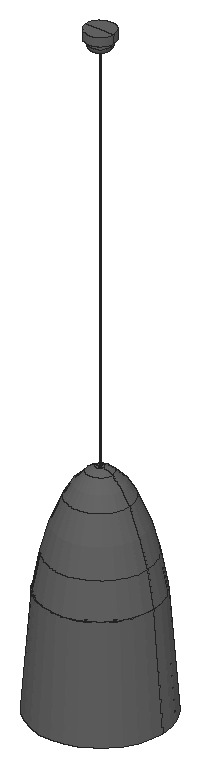
Revit family "OSPB LED 12,20,24", category Lighting Fixtures, Revit 2020
Family settings
  Round Connector Dimension = Use Diameter
  Part Type = Normal
  OmniClass Number = 23.80.70.00
  OmniClass Title = Lighting
  Work Plane-Based = No
  Always vertical = Yes
  Cut with Voids When Loaded = No
  Light Source = Yes
  Shared = No
  Room Calculation Point = No
Parameters (values of type "OSPB24")
  b = 1' - 2"
  a = 3' - 6"
  Weight = "28.5 lbs"
  Wattage Comments = "37 W"
  Wattage = 26.9284 W
  Warranty = "5 year limited warranty"  # constant formula
  built-in parameter 1150110 = 1 (stored number, unit not read)
  Voltage = 277 V  # constant formula
  URL = "https://www.anplighting.com/assets/Uploads/product-attachments/specification-sheets/ANP-Specification-Sheet-RLM-LED-OSPB24.pdf"
  built-in parameter 1114217 = 1 (stored number, unit not read)
  Tilt Angle = 90.00°
  built-in parameter 1150109 = 1 (stored number, unit not read)
  built-in parameter 1150134 = 12
  built-in parameter 1150113 = 1 (stored number, unit not read)
  Photometric Web File = "generic"
  OSPB24 = yes
  OSPB20 = no
  OSPB12 = no
  built-in parameter 1150142 = (empty or 0)
  Mounting Option [instance] = 1
  Power Factor = 1
  Post Mount [instance] = Mounting Option = 5  # no
  Placement X axis side [instance] = if(Post Mount, 2' 2 15/32", if(Cord or Stem Mount, 0' 0", if(E36 20 inch, 1' 8 1/4", if(E 6 26 inch, 2' 2", if(E7 41 inch, 3' 5 1/4", 0' 1")))))  # 0' - 0"
  Model = "OSPB24"
  Manufacturer = "ANP Lighting"  # constant formula
  built-in parameter 1150105 = 318.31 (stored number, unit not read)
  Lumens = 4000 lm
  built-in parameter 1150115 = 1 (stored number, unit not read)
  Load Classification = Lighting
  Light Source Height [instance] = 0' - 0"
  built-in parameter 1150137 = (empty or 0)
  built-in parameter 1150139 = (empty or 0)
  Light Elevation _2 [instance] = if(Post Mount, 0' 0.66142", if(E7 41 inch, 0' 0.66142", if(E36 20 inch, 0' 1.65748", if(E 6 26 inch, 0' 1.53543", if(Cord or Stem Mount, (0' 4.3622" + Cord Length), 0' 0")))))  # 6' - 4.3622"
  Light Elevation _1 [instance] = if(Post Mount, 0' 0", if(E7 41 inch, 0' 0", if(E36 20 inch, 0' 1", if(E 6 26 inch, 0' 0.87402", if(Cord or Stem Mount, (0' 3.66142" + Cord Length), 0' 0")))))  # 6' - 3.66142"
  Light Elevation [instance] = if(Post Mount, 14' 0.5315", if(E7 41 inch, 0' 0", 0' 0"))  # 0' - 0"
  Life = "L70 50,000 hours"  # constant formula
  built-in parameter 1150112 = 1 (stored number, unit not read)
  built-in parameter 1150114 = 1 (stored number, unit not read)
  Lamp = "LED"
  built-in parameter 1150132 = 2
  built-in parameter 1150102 = (empty or 0)
  built-in parameter 1150107 = 4000 (stored number, unit not read)
  built-in parameter 1150138 = (empty or 0)
  built-in parameter 1150106 = 3.1831 (stored number, unit not read)
  INSIDE BODY = body
  GLASS = Bulb
  Fixture Height = 3' - 6"
  Fixture Diameter = 2' - 0"
  Efficiency = "65-125 lumens per watt"  # constant formula
  built-in parameter 1150104 = 13.8 (stored number, unit not read)
  E7 41 inch [instance] = Mounting Option = 4  # no
  E36 20 inch [instance] = Mounting Option = 3  # no
  E 6 26 inch [instance] = Mounting Option = 2  # no
  Dimming Lamp Color Temperature Shift = <None>
  Dimming = "1%"  # constant formula
  Description = "120-277 Voltage"  # constant formula
  Default Elevation = 0' - 0"
  Cord or Stem Mount [instance] = Mounting Option = 1  # yes
  Cord Length option [instance] = 0
  Cord Length [instance] = if([2' Cord], 2' 0", if([4' Cord], 4' 0", if([8' Cord], 8' 0", if([10' Cord], 10' 0", if([6' Cord], 6' 0", 6' 0")))))  # 6' - 0"
  Construction Material = "Heavy Duty spun aluminum."  # constant formula
  Color Filter = 16777215
  Canopy Body = body
  CRI = ">90"  # constant formula
  Body Material = body
  Body Colour = "Spun aluminium"  # constant formula
  built-in parameter 1114218 = 1 (stored number, unit not read)
  built-in parameter 1150133 = 10 (stored number, unit not read)
  Apparent Load = 37 VA
  8' Cord [instance] = Cord Length option = 8  # no
  6' Cord [instance] = Cord Length option = 6  # no
  4' Cord [instance] = Cord Length option = 4  # no
  2' Cord [instance] = Cord Length option = 2  # no
  10' Cord [instance] = Cord Length option = 10  # no
Types (4): name | b | a | Weight | URL | OSPB24 | OSPB20 | OSPB12 | Mounting Option | Placement X axis side | Model | Light Elevation _2 | Light Elevation _1 | Fixture Height | Fixture Diameter | E 6 26 inch | Cord or Stem Mount
  (no name) | 1' - 2" | 3' - 6" | "28.5 lbs" | "https://www.anplighting.com/assets/Uploads/product-attachments/specification-sheets/ANP-Specification-Sheet-RLM-LED-OSPB24.pdf" | yes | no | no | 1 | 0' - 0" | "OSPB24" | 6' - 4.3622" | 6' - 3.66142" | 3' - 6" | 2' - 0" | no | yes
  OSPB12 | 0' - 3" | 2' - 0" | "13.5 lbs" | "https://www.anplighting.com/assets/Uploads/product-attachments/specification-sheets/ANP-Specification-Sheet-RLM-LED-OSPB12.pdf" | no | no | yes | 2 | 2' - 2" | "OSPB12" | 0' - 1.53543" | 0' - 0.87402" | 2' - 0" | 1' - 0" | yes | no
  OSPB20 | 0' - 5" | 3' - 0" | "22.0 lbs" | "https://www.anplighting.com/assets/Uploads/product-attachments/specification-sheets/ANP-Specification-Sheet-RLM-LED-OSPB20.pdf" | no | yes | no | 1 | 0' - 0" | "OSPB20" | 6' - 4.3622" | 6' - 3.66142" | 3' - 0" | 1' - 8" | no | yes
  OSPB24 | 1' - 2" | 3' - 6" | "28.5 lbs" | "https://www.anplighting.com/assets/Uploads/product-attachments/specification-sheets/ANP-Specification-Sheet-RLM-LED-OSPB24.pdf" | yes | no | no | 1 | 0' - 0" | "OSPB24" | 6' - 4.3622" | 6' - 3.66142" | 3' - 6" | 2' - 0" | no | yes
Reference planes (in)
  plane 1 "Light Source Axis (F/B)": y = 0
  plane 2: z = 0
  plane 3 "Light Source Axis (L/R)": x = 0
  plane 4 "Light Source Elevation": z = 0
  plane 5: z = 0
  plane 6: x = 0
  plane 7 "Bulb Position": z = -76.3622
  plane 8 "Canopy Position": z = -75.66142
  plane 9 "IES": z = -76.3622
  plane 10: z = 164.5315
  plane 11: z = -117.66142
  plane 12: z = -103.66142
  plane 13: z = -101.23029
Dimensions and locks (in)
  "Light Elevation": plane 5 to plane 2
  "Placement X axis side": plane 6 to plane 3 "Light Source Axis (L/R)"
  "Light Elevation _2": plane 5 to plane 7 "Bulb Position"
  "Light Elevation _1": plane 5 to plane 8 "Canopy Position"
  "Light Source Height": plane 7 "Bulb Position" to plane 9 "IES"
  plane 4 "Light Source Elevation" to plane 2 = 0' - 0"
  "a": plane 8 "Canopy Position" to plane 11
  "b": plane 12 to plane 11
  locked: plane 13 to plane 12 at 2.43113
  aligned and locked: level to plane 2
  aligned and locked: plane 1 "Light Source Axis (F/B)" to nested 5
  aligned and locked: nested 5 to plane 2
  aligned and locked: nested 1 to plane 3 "Light Source Axis (L/R)"
  aligned and locked: plane 3 "Light Source Axis (L/R)" to nested 2
  aligned and locked: plane 3 "Light Source Axis (L/R)" to nested 4
  aligned and locked: nested 3 to plane 5
  aligned and locked: plane 3 "Light Source Axis (L/R)" to nested 3
  aligned and locked: plane 3 "Light Source Axis (L/R)" to nested 5
  aligned and locked: plane 1 "Light Source Axis (F/B)" to nested 2
  aligned and locked: plane 1 "Light Source Axis (F/B)" to nested 1
  aligned and locked: plane 1 "Light Source Axis (F/B)" to nested 4
  aligned and locked: plane 1 "Light Source Axis (F/B)" to nested 3
  aligned and locked: plane 2 to nested 1
  aligned and locked: plane 2 to nested 2
  aligned and locked: nested 4 to plane 2
  aligned and locked: imposter light to plane 6
  aligned and locked: plane 12 to imposter light
  aligned and locked: plane 1 "Light Source Axis (F/B)" to nested 6
  aligned and locked: plane 1 "Light Source Axis (F/B)" to nested 7
  aligned and locked: plane 1 "Light Source Axis (F/B)" to nested 8
  aligned and locked: nested 6 to plane 8 "Canopy Position"
  aligned and locked: plane 6 to nested 6
  aligned and locked: nested 7 to plane 8 "Canopy Position"
  aligned and locked: nested 8 to plane 8 "Canopy Position"
  aligned and locked: plane 6 to nested 7
  aligned and locked: plane 6 to nested 8
Nested families (in)
  nested 1: "CORD OR STEM MOUNT" at (0, 0, -75.67), visible <- "Cord or Stem Mount", Cord or Stem Mount <- "Cord or Stem Mount", Body Material <- "Body Material", Light Elevation <- "Light Elevation", Cord Length <- "Cord Length", 10' Cord <- "10' Cord", 2' Cord <- "2' Cord", 4' Cord <- "4' Cord", 6' Cord <- "6' Cord", 8' Cord <- "8' Cord", type "CORD OR STEM MOUNT"
    with Light Elevation 0' - 0", Cord or Stem Mount yes, Cord Length 6' - 0", Body Material body, 8' Cord no, 6' Cord no, 4' Cord no, 2' Cord no, 10' Cord no
  nested 2: "E6 26 INCH" at (0, 0, 0), visible <- "E 6 26 inch", Chain Length <- "Cord Length", E 6 26 inch <- "E 6 26 inch", Placement X axis side <- "Placement X axis side", Body Material <- "Body Material", Light Elevation <- "Light Elevation", type "E6 26 INCH"
    with Placement X axis side 0' - 0", Light Elevation 0' - 0", E 6 26 inch no, Chain Length 6' - 0", Body Material body
  nested 3: "E7 41 INCH" at (0, 0, 0), Chain Length <- "Cord Length", visible <- "E7 41 inch", E7 41 inch <- "E7 41 inch", Placement X axis side <- "Placement X axis side", Body Material <- "Body Material", Light Elevation <- "Light Elevation", type "E7 41 INCH"
    with Placement X axis side 0' - 0", Light Elevation 0' - 0", E7 41 inch no, Chain Length 6' - 0", Body Material body
  nested 4: "E36 20 INCH" at (0, 0, 0), visible <- "E36 20 inch", E36 20 inch <- "E36 20 inch", Placement X axis side <- "Placement X axis side", Chain Length <- "Cord Length", Body Material <- "Body Material", Light Elevation <- "Light Elevation", type "E36 20 INCH"
    with Placement X axis side 0' - 0", Light Elevation 0' - 0", E36 20 inch no, Chain Length 6' - 0", Body Material body
  nested 5: "POST MOUNT" at (0, 0, 0), visible <- "Post Mount", Post Mount <- "Post Mount", Placement X axis side <- "Placement X axis side", Chain Length <- "Cord Length", Body Material <- "Body Material", Light Elevation <- "Light Elevation", type "POST MOUNT"
    with Post Mount no, Placement X axis side 0' - 0", Light Elevation 0' - 0", Chain Length 6' - 0", Body Material body
  nested 6: "OSPB 12 A" at (0, 0, -75.66142), OSPB12 <- "OSPB12", visible <- "OSPB12", Body <- "Canopy Body", Bulb <- "GLASS", INSIDE BODY <- "INSIDE BODY", Light Elevation <- "Light Elevation", type "OSPB 12 A"
    with OSPB12 no, Light Elevation 0' - 0", INSIDE BODY body, Bulb Bulb, Body body
  nested 7: "OSPB 20 A" at (0, 0, -75.66142), Light Elevation <- "Light Elevation", INSIDE BODY <- "INSIDE BODY", Bulb <- "GLASS", Body <- "Canopy Body", visible <- "OSPB20", OSPB20 <- "OSPB20", type "OSPB 20 A"
    with OSPB20 no, Light Elevation 0' - 0", INSIDE BODY body, Bulb Bulb, Body body
  nested 8: "OSPB 24 A" at (0, 0, -75.66142), OSPB24 <- "OSPB24", visible <- "OSPB24", Body <- "Canopy Body", Bulb <- "GLASS", INSIDE BODY <- "INSIDE BODY", Light Elevation <- "Light Elevation", type "OSPB 24 A"
    with OSPB24 yes, Light Elevation 0' - 0", INSIDE BODY body, Bulb Bulb, Body body
Definition of nested family "CORD OR STEM MOUNT"
  Parameters (values of type "CORD OR STEM MOUNT")
    URL = ""
    Model = ""
    Manufacturer = ""
    Light Elevation [instance] = 1' - 7.69"
    Default Elevation = 0' - 0"
    Cord or Stem Mount [instance] = yes
    Cord Length [instance] = 6' - 0"
    Body Material [instance] = none
    8' Cord [instance] = no
    6' Cord [instance] = no
    4' Cord [instance] = no
    2' Cord [instance] = no
    10' Cord [instance] = no
  Reference planes (in)
    plane 1 "Light Source Axis (F/B)": y = 0
    plane 2: z = 0
    plane 3 "Light Source Axis (L/R)": x = 0
    plane 4 "Light Source Elevation": z = 23.125
    plane 5: z = 91.69
    plane 6: z = 19.69
  Forms (in)
    Extrusion 1, void, not visible
      sketch origin (0, 0, 2.38154) x (1, 0, 0) y (0, 0, 1)
        loop
          circle (0, 4.59925) r 0.16583
      from 1.18594 to 1.75
    Extrusion 2, void, not visible
      sketch origin (0, 0, 2.38154) x (0.707107, -0.707107, 0) y (0, 0, 1)
        loop
          circle (0, 4.59925) r 0.16583
      from 1.18594 to 1.75
    Extrusion 3, void, not visible
      sketch origin (0, 0, 2.38154) x (0.707107, 0.707107, 0) y (0, 0, 1)
        loop
          circle (0, 4.59925) r 0.16583
      from 1.18594 to 1.75
    Extrusion 4, void, not visible
      sketch origin (0, 0, 2.38154) x (0, 1, 0) y (0, 0, 1)
        loop
          circle (0, 4.59925) r 0.16583
      from 1.18594 to 1.75
    Extrusion 5, void, not visible
      sketch origin (0, 0, 2.38154) x (-0.707107, 0.707107, 0) y (0, 0, 1)
        loop
          circle (0, 4.59925) r 0.16583
      from 1.18594 to 1.75
    Extrusion 6, void, not visible
      sketch origin (0, 0, 2.38154) x (-1, 0, 0) y (0, 0, 1)
        loop
          circle (0, 4.59925) r 0.20678
      from 1.18594 to 1.75
    Extrusion 7, void, not visible
      sketch origin (0, 0, 2.38154) x (-0.707107, -0.707107, 0) y (0, 0, 1)
        loop
          circle (0, 4.59925) r 0.16583
      from 1.18594 to 1.75
    Extrusion 8, void, not visible
      sketch origin (0, 0, 2.38154) x (0, -1, 0) y (0, 0, 1)
        loop
          circle (0, 4.59925) r 0.16583
      from 1.18594 to 1.75
    Revolve 9, solid, material <- "Body Material", visible <- "Cord or Stem Mount"
      sketch origin (0, 0, 174.56698) x (1, 0, 0) y (0, 0, 1)
        loop
          line (2.6875, -79.20698) -> (0, -79.20698) -> (0, -82.87698) -> (0.125, -82.87698) -> (0.125, -82.83698) -> (0.75, -82.83698)
          arc (0.75, -82.83698) -> (0.81694, -82.77004) -> (0.75, -82.7031) r 0.06694
          line (0.75, -82.7031) -> (0.89763, -82.7031) -> (1.00223, -82.5985) -> (1.06587, -82.5985)
          arc (1.06587, -82.5985) -> (1.80099, -82.29401) -> (2.10549, -81.55888) r 1.03962
          line (2.10549, -81.55888) -> (2.10549, -81.03899)
          arc (2.10549, -81.03899) -> (2.12951, -80.981) -> (2.1875, -80.95698) r 0.08201
          line (2.1875, -80.95698) -> (2.1875, -80.70698) -> (2.6875, -80.70698) -> (2.6875, -79.20698)
        axis (0, -79.20698) -> (0, -82.87698)
      angle from 0 to 360
    Revolve 10, solid, material <- "Body Material", visible <- "Cord or Stem Mount"
      sketch origin (0, 0, 0) x (1, 0, 0) y (0, 0, 1)
        loop
          line (0, 91.69) -> (-0.125, 91.69) -> (-0.125, 19.69) -> (0, 19.69) -> (0, 91.69)
        axis (0, 19.69) -> (0, 91.69)
      angle from 0 to 360
  Dimensions and locks (in)
    "Light Elevation": plane 6 to plane 2
    "Cord Length": plane 5 to plane 6
    locked: Revolve 10 sketch curve to Revolve 10 sketch curve at 0.125
    aligned and locked: level to plane 2
    aligned and locked: Revolve 10 sketch curve to plane 3 "Light Source Axis (L/R)"
    aligned and locked: Revolve 10 sketch curve to plane 6
    aligned and locked: Revolve 10 sketch curve to plane 5
    aligned and locked: plane 3 "Light Source Axis (L/R)" to Revolve 10 sketch curve
  Automatic sketch dimensions
    Revolve 9 sketch curve to plane 3 "Light Source Axis (L/R)" = 0' - 0"  (x2)
    Revolve 9 sketch curve to plane 5 = 0' - 0"
    plane 3 "Light Source Axis (L/R)" to Revolve 9 sketch curve = 0' - 0 1/8"
    Revolve 9 sketch curve to plane 5 = 0' - 0.17388"
    Revolve 9 sketch curve to Revolve 9 sketch curve = 0' - 0 5/8"
    Revolve 9 sketch curve to Revolve 9 sketch curve = 0' - 0.14763"
    Revolve 9 sketch curve to plane 5 = 0' - 0.27847"
    Revolve 9 sketch curve to Revolve 9 sketch curve = 0' - 0.1046"
    Revolve 9 sketch curve to Revolve 9 sketch curve = 0' - 0.06364"
    Revolve 9 sketch curve to Revolve 9 sketch curve = 0' - 1.03962"
    Revolve 9 sketch curve to Revolve 9 sketch curve = 0' - 0 21/256"
    Revolve 9 sketch curve to Revolve 9 sketch curve = 0' - 0 1/2"  (x2)
    Revolve 9 sketch curve to Revolve 9 sketch curve = 0' - 0.51989"
    Revolve 9 sketch curve to Revolve 9 sketch curve = 0' - 0 1/4"
    Revolve 9 sketch curve to Revolve 9 sketch curve = 0' - 2.3519"
    Revolve 9 sketch curve to Revolve 9 sketch curve = 0' - 1 1/4"
    Revolve 9 sketch curve to Revolve 9 sketch curve = 0' - 0.04"
    Revolve 10 sketch curve to Revolve 10 sketch curve = 0' - 0 1/2"
    Revolve 10 sketch curve to Revolve 10 sketch curve = 0' - 0.42345"
Definition of nested family "OSPB 24 A"
  Parameters (values of type "OSPB 24 A")
    OSPB24 [instance] = yes
    Light Elevation [instance] = 0' - 0"
    INSIDE BODY [instance] = none
    Default Elevation = 0' - 0"
    Bulb [instance] = none
    Body [instance] = none
  Reference planes (in)
    plane 1 "Center (Front/Back)": y = 0
    plane 2: z = 0
    plane 3 "Center (Left/Right)": x = 0
    plane 4: z = 0
  Dimensions and locks (in)
    "Light Elevation": plane 4 to plane 2
    aligned and locked: plane 2 to level
    aligned and locked: plane 3 "Center (Left/Right)" to nested 1
    aligned and locked: plane 1 "Center (Front/Back)" to nested 1
    aligned and locked: nested 1 to plane 4
  Nested families (in)
    nested 1: "OSPB24" at (0, 0, -42), visible <- "OSPB24", Body <- "Body", OSPB24 <- "OSPB24", Bulb <- "Bulb", INSIDE BODY <- "INSIDE BODY", type "OSPB24"
      with OSPB24 yes, Light Elevation 1' - 0.00183", INSIDE BODY none, Bulb none, Body none
  Definition of nested family "OSPB24"
    Parameters (values of type "OSPB24")
      OSPB24 [instance] = yes
      Light Elevation [instance] = 1' - 0.00183"
      INSIDE BODY [instance] = none
      Default Elevation = 0' - 0"
      Bulb [instance] = none
      Body [instance] = none
    Reference planes (in)
      plane 1 "Center (Front/Back)": y = 0
      plane 2: z = 0
      plane 3 "Center (Left/Right)": x = 0
    Forms (in)
      Revolve 1, solid, material <- "Body", visible <- "OSPB24"
        sketch origin (0, 0, 0) x (1, 0, 0) y (0, 0, 1)
          loop
            line (-0.76905, 41.91801) -> (-0.2815, 41.91801) -> (-0.2815, 42) -> (-0.77345, 42)
            arc (-0.77345, 42) -> (-1.58604, 41.69692) -> (-2.34169, 41.27129) r 5.56638
            arc (-2.34169, 41.27129) -> (-4.23605, 39.30465) -> (-5.68944, 36.99294) r 13.31645
            arc (-5.68944, 36.99294) -> (-7.69324, 32.26311) -> (-9.11589, 27.32726) r 42.79462
            arc (-9.11589, 27.32726) -> (-9.80742, 24.18127) -> (-10.3923, 21.01372) r 95.36449
            line (-10.3923, 21.01372) -> (-10.31119, 21.01372)
            arc (-10.31119, 21.01372) -> (-9.72763, 24.17222) -> (-9.03794, 27.30926) r 95.28449
            arc (-9.03794, 27.30926) -> (-7.61791, 32.23618) -> (-5.61774, 36.95745) r 42.71462
            arc (-5.61774, 36.95745) -> (-4.17444, 39.25357) -> (-2.29345, 41.20732) r 13.23645
            arc (-2.29345, 41.20732) -> (-1.55865, 41.62143) -> (-0.76905, 41.91801) r 5.48638
          axis (0, 42) -> (0, 21.01372)
        angle from 0 to 360
      Revolve 2, solid, material <- "Body", visible <- "OSPB24"
        sketch origin (0, 0, 0) x (1, 0, 0) y (0, 0, 1)
          loop
            arc (-10.40265, 20.93716) -> (-11.61415, 10.50007) -> (-12.00017, 0) r 133.35415
            line (-12.00017, 0) -> (-11.92017, 0)
            arc (-11.92017, 0) -> (-11.53463, 10.49066) -> (-10.32461, 20.91843) r 133.27415
            arc (-10.32461, 20.91843) -> (-10.25988, 20.92785) -> (-10.22381, 20.98241) r 0.08
            line (-10.22381, 20.98241) -> (-10.18163, 21.23681) -> (-10.26054, 21.25) -> (-10.30275, 20.99539)
            arc (-10.30275, 20.99539) -> (-10.36641, 20.9898) -> (-10.40265, 20.93716) r 0.075
          axis (0, 21.25) -> (0, 0)
        angle from 0 to 360
      Revolve 3, solid, material <- "INSIDE BODY", visible <- "OSPB24"
        sketch origin (0, 0, 0) x (1, 0, 0) y (0, 0, 1)
          loop
            line (0.2815, 41.89457) -> (0.2815, 41.84457) -> (0.72104, 41.84457)
            arc (0.72104, 41.84457) -> (1.4967, 41.54385) -> (2.21688, 41.12742) r 5.39347
            arc (2.21688, 41.12742) -> (4.06485, 39.20022) -> (5.47908, 36.93547) r 12.97103
            arc (5.47908, 36.93547) -> (7.46328, 32.2146) -> (8.89546, 27.29805) r 44.77577
            arc (8.89546, 27.29805) -> (9.58249, 24.11315) -> (10.18148, 20.91053) r 118.21332
            arc (10.18148, 20.91053) -> (11.34685, 10.48332) -> (11.77642, 0) r 149.17803
            line (11.77642, 0) -> (11.82642, 0)
            arc (11.82642, 0) -> (11.3967, 10.48729) -> (10.23086, 20.91843) r 149.22803
            arc (10.23086, 20.91843) -> (9.63156, 24.12271) -> (8.94419, 27.30926) r 118.26332
            arc (8.94419, 27.30926) -> (7.5104, 32.23131) -> (5.52399, 36.95745) r 44.82577
            arc (5.52399, 36.95745) -> (4.10353, 39.23193) -> (2.24727, 41.1672) r 13.02103
            arc (2.24727, 41.1672) -> (1.51613, 41.58998) -> (0.72839, 41.89457) r 5.44347
            line (0.72839, 41.89457) -> (0.2815, 41.89457)
          axis (0, 0) -> (0, 41.89457)
        angle from 0 to 360
      Revolve 4, solid, material <- "Bulb", visible <- "OSPB24"
        sketch origin (0, 0, 0) x (1, 0, 0) y (0, 0, 1)
          loop
            line (2, 20) -> (3, 20) -> (3, 20.05) -> (1.94936, 20.05)
            arc (1.94936, 20.05) -> (1.39642, 18.63893) -> (0, 18.05) r 1.95
            line (0, 18.05) -> (0, 18)
            arc (0, 18) -> (1.41421, 18.58579) -> (2, 20) r 2
          axis (0, 20.05) -> (0, 18)
        angle from 0 to 360
    Dimensions and locks (in)
      locked: Revolve 4 to plane 2 at 20.05
      aligned and locked: plane 2 to level
Definition of nested family "E6 26 INCH"
  Parameters (values of type "E6 26 INCH")
    URL = ""
    Placement X axis side [instance] = 2' - 2"
    Model = ""
    Manufacturer = ""
    Light Elevation [instance] = 8' - 4"
    E 6 26 inch [instance] = yes
    Default Elevation = 0' - 0"
    Chain Length [instance] = 0' - 0"
    Body Material [instance] = none
  Reference planes (in)
    plane 1 "Light Source Axis (F/B)": y = 0
    plane 2: z = 0
    plane 3 "Light Source Axis (L/R)": x = 0
    plane 4 "Light Source Elevation": z = 23.125
    plane 5: z = 100
    plane 6: x = -26
    plane 7: z = 99.125
    plane 8: x = -24.12
    plane 9: x = -25.5474
  Forms (in)
    Extrusion 1, void, not visible
      sketch origin (0, 0, 2.38154) x (1, 0, 0) y (0, 0, 1)
        loop
          circle (0, 4.59925) r 0.16583
      from 1.18594 to 1.75
    Extrusion 2, void, not visible
      sketch origin (0, 0, 2.38154) x (0.707107, -0.707107, 0) y (0, 0, 1)
        loop
          circle (0, 4.59925) r 0.16583
      from 1.18594 to 1.75
    Extrusion 3, void, not visible
      sketch origin (0, 0, 2.38154) x (0.707107, 0.707107, 0) y (0, 0, 1)
        loop
          circle (0, 4.59925) r 0.16583
      from 1.18594 to 1.75
    Extrusion 4, void, not visible
      sketch origin (0, 0, 2.38154) x (0, 1, 0) y (0, 0, 1)
        loop
          circle (0, 4.59925) r 0.16583
      from 1.18594 to 1.75
    Extrusion 5, void, not visible
      sketch origin (0, 0, 2.38154) x (-0.707107, 0.707107, 0) y (0, 0, 1)
        loop
          circle (0, 4.59925) r 0.16583
      from 1.18594 to 1.75
    Extrusion 6, void, not visible
      sketch origin (0, 0, 2.38154) x (-1, 0, 0) y (0, 0, 1)
        loop
          circle (0, 4.59925) r 0.20678
      from 1.18594 to 1.75
    Extrusion 7, void, not visible
      sketch origin (0, 0, 2.38154) x (-0.707107, -0.707107, 0) y (0, 0, 1)
        loop
          circle (0, 4.59925) r 0.16583
      from 1.18594 to 1.75
    Extrusion 8, void, not visible
      sketch origin (0, 0, 2.38154) x (0, -1, 0) y (0, 0, 1)
        loop
          circle (0, 4.59925) r 0.16583
      from 1.18594 to 1.75
    Sweep 9, solid, material <- "Body Material", visible <- "E 6 26 inch"
      path origin (-41.25, 0, 168.51693) x (1, 0, 0) y (0, 0, 1)
        loop
          line (17.13, -68.51693) -> (27.68551, -68.51693)
          arc (27.68551, -68.51693) -> (28.47996, -68.34486) -> (29.13202, -67.8595) r 1.92004
          line (29.13202, -67.8595) -> (34.23651, -62.01155)
          arc (34.23651, -62.01155) -> (38.65464, -60.89667) -> (41.25, -64.64193) r 4
          line (41.25, -64.64193) -> (41.25, -69.39193)
      profile origin (-18.84224, 0, 100) x (0, 0, 1) y (0, -1, 0)
        loop
          circle (0, 0) r 0.5
    Revolve 10, solid, material <- "Body Material", visible <- "E 6 26 inch"
      sketch origin (-26, 0, 168.51693) x (1, 0, 0) y (0, 0, 1)
        loop
          line (0, -66.07943) -> (0, -68.51693) -> (1.88, -68.51693) -> (1.88, -67.69272) -> (0.4526, -67.69272) -> (0.4526, -66.54122) -> (0.33125, -66.54122) -> (0.33125, -66.07943) -> (0, -66.07943)
        axis (0, -68.51693) -> (1.88, -68.51693)
      angle from 0 to 360
    Extrusion 11, solid, material <- "Body Material", visible <- "E 6 26 inch"
      sketch origin (-26, 0, 168.51693) x (0, -1, 0) y (0, 0, -1)
        loop
          line (0.25, 68.51693) -> (0.25, 69.51693) -> (-0.25, 69.51693) -> (-0.25, 68.51693) -> (0.25, 68.51693)
      from 0.4526 to 1.88
  Cuts and joins
    joined: Revolve 10, Extrusion 11
  Dimensions and locks (in)
    "Light Elevation": plane 5 to plane 2
    "Placement X axis side": plane 3 "Light Source Axis (L/R)" to plane 6
    locked: plane 5 to plane 7 at 0.875
    Revolve 10 sketch curve to Revolve 10 sketch curve to Revolve 10 sketch curve to plane 6 = 0' - 1.4274" locked, 0' - 0.12135" locked, 0' - 0.33125" locked
    Revolve 10 sketch curve to Revolve 10 sketch curve to Revolve 10 sketch curve to plane 5 = 0' - 0.46179" locked, 0' - 1.1515" locked, 0' - 0 211/256" locked
    locked: Sweep 9 sketch curve to plane 6 at 1.88
    locked: Sweep 9 sketch curve to Sweep 9 sketch curve at 10.55551
    locked: Sweep 9 sketch curve to Sweep 9 sketch curve at 13.56449
    locked: Sweep 9 sketch curve to Sweep 9 sketch curve at 4.75
    locked: plane 9 to plane 6 at 0.4526
    locked: plane 8 to plane 9 at 1.4274
    aligned and locked: level to plane 2
    aligned and locked: Revolve 10 sketch curve to plane 6
    aligned and locked: plane 5 to Revolve 10 sketch curve
    aligned and locked: Revolve 10 sketch curve to plane 5
    aligned and locked: cut or joined group of Revolve 10, Extrusion 11 to plane 9
    aligned and locked: plane 8 to cut or joined group of Revolve 10, Extrusion 11
  Automatic sketch dimensions
    Sweep 9 sketch curve to plane 5 = 0' - 0"
    Sweep 9 sketch curve to Sweep 9 sketch curve = 0' - 4"
    Sweep 9 sketch curve to Sweep 9 sketch curve = 0' - 3.01349"
    plane 5 to Sweep 9 sketch curve = 0' - 0.65743"
    Sweep 9 sketch curve to Sweep 9 sketch curve = 0' - 1.4465"
    Sweep 9 sketch curve to plane 5 = 0' - 0 7/8"
    profile plane to Sweep 9 sketch curve = 0' - 0"
    Sweep 9 sketch curve to profile plane = 0' - 0"
    plane 6 to Revolve 10 sketch curve = 0' - 0.62562"
    Revolve 10 sketch curve to Revolve 10 sketch curve = 0' - 0 1/2"
    Extrusion 11 sketch curve to plane 5 = 0' - 0"
    plane 1 "Light Source Axis (F/B)" to Extrusion 11 sketch curve = 0' - 0 1/4"
    Extrusion 11 sketch curve to plane 1 "Light Source Axis (F/B)" = 0' - 0 1/4"
    plane 5 to Extrusion 11 sketch curve = 0' - 1"
    radius of Sweep 9 sketch curve = 0' - 0 1/2"
Definition of nested family "E7 41 INCH"
  Parameters (values of type "E7 41 INCH")
    URL = ""
    Placement X axis side [instance] = 4' - 2"
    Model = ""
    Manufacturer = ""
    Light Elevation [instance] = 8' - 4"
    E7 41 inch [instance] = yes
    Default Elevation = 0' - 0"
    Chain Length [instance] = 0' - 0"
    Body Material [instance] = none
  Reference planes (in)
    plane 1 "Light Source Axis (F/B)": y = 0
    plane 2: z = 0
    plane 3 "Light Source Axis (L/R)": x = 0
    plane 4 "Light Source Elevation": z = 23.125
    plane 5: z = 100
    plane 6: x = -50
  Forms (in)
    Extrusion 1, void, not visible
      sketch origin (0, 0, 2.38154) x (1, 0, 0) y (0, 0, 1)
        loop
          circle (0, 4.59925) r 0.16583
      from 1.18594 to 1.75
    Extrusion 2, void, not visible
      sketch origin (0, 0, 2.38154) x (0.707107, -0.707107, 0) y (0, 0, 1)
        loop
          circle (0, 4.59925) r 0.16583
      from 1.18594 to 1.75
    Extrusion 3, void, not visible
      sketch origin (0, 0, 2.38154) x (0.707107, 0.707107, 0) y (0, 0, 1)
        loop
          circle (0, 4.59925) r 0.16583
      from 1.18594 to 1.75
    Extrusion 4, void, not visible
      sketch origin (0, 0, 2.38154) x (0, 1, 0) y (0, 0, 1)
        loop
          circle (0, 4.59925) r 0.16583
      from 1.18594 to 1.75
    Extrusion 5, void, not visible
      sketch origin (0, 0, 2.38154) x (-0.707107, 0.707107, 0) y (0, 0, 1)
        loop
          circle (0, 4.59925) r 0.16583
      from 1.18594 to 1.75
    Extrusion 6, void, not visible
      sketch origin (0, 0, 2.38154) x (-1, 0, 0) y (0, 0, 1)
        loop
          circle (0, 4.59925) r 0.20678
      from 1.18594 to 1.75
    Extrusion 7, void, not visible
      sketch origin (0, 0, 2.38154) x (-0.707107, -0.707107, 0) y (0, 0, 1)
        loop
          circle (0, 4.59925) r 0.16583
      from 1.18594 to 1.75
    Extrusion 8, void, not visible
      sketch origin (0, 0, 2.38154) x (0, -1, 0) y (0, 0, 1)
        loop
          circle (0, 4.59925) r 0.16583
      from 1.18594 to 1.75
    Revolve 9, solid, material <- "Body Material", visible <- "E7 41 inch"
      sketch origin (-41.25, 0, 168.39193) x (1, 0, 0) y (0, 0, 1)
        loop
          line (-8.75, -66.20443) -> (-8.75, -68.51693) -> (-6.87, -68.51693) -> (-6.87, -67.69272) -> (-8.2974, -67.69272) -> (-8.2974, -66.54122) -> (-8.41875, -66.54122) -> (-8.41875, -66.20443) -> (-8.75, -66.20443)
        axis (-8.75, -68.51693) -> (-6.87, -68.51693)
      angle from 0 to 360
    Extrusion 10, solid, material <- "Body Material", visible <- "E7 41 inch"
      sketch origin (-41.25, 0, 168.39193) x (0, -1, 0) y (0, 0, -1)
        loop
          line (0.25, 68.51693) -> (0.25, 69.51693) -> (-0.25, 69.51693) -> (-0.25, 68.51693) -> (0.25, 68.51693)
      from -8.2974 to -6.87
    Sweep 11, solid, material <- "Body Material", visible <- "E7 41 inch"
      path origin (-41.25, 0, 168.39193) x (1, 0, 0) y (0, 0, 1)
        loop
          line (-6.87, -68.51693) -> (16.04011, -68.51693)
          arc (16.04011, -68.51693) -> (17.864, -68.13651) -> (19.38375, -67.0587) r 4.5625
          line (19.38375, -67.0587) -> (24.70217, -61.33018)
          arc (24.70217, -61.33018) -> (29.64465, -60.20324) -> (32.5, -64.39193) r 4.5
          line (32.5, -64.39193) -> (32.5, -68.39193)
      profile origin (-36.66494, 0, 99.875) x (0, 0, 1) y (0, -1, 0)
        loop
          circle (0, 0) r 0.5
  Dimensions and locks (in)
    "Placement X axis side": plane 3 "Light Source Axis (L/R)" to plane 6
    "Light Elevation": plane 5 to plane 2
    locked: Revolve 9 sketch curve to Revolve 9 sketch curve at 0.33125
    locked: Revolve 9 sketch curve to Revolve 9 sketch curve at 0.4526
    locked: Revolve 9 sketch curve to Revolve 9 sketch curve at 1.88
    locked: Revolve 9 sketch curve to Revolve 9 sketch curve at 0.82421
    locked: Revolve 9 sketch curve to Revolve 9 sketch curve at 1.1515
    locked: Revolve 9 sketch curve to Revolve 9 sketch curve at 0.33679
    locked: plane 5 to Revolve 9 sketch curve at 0.125
    locked: Extrusion 10 sketch curve to Extrusion 10 sketch curve at 0.5
    locked: Extrusion 10 sketch curve to Extrusion 10 sketch curve at 1
    locked: plane 5 to Extrusion 10 sketch curve at 0.125
    locked: plane 5 to Sweep 11 sketch curve at 0.125
    locked: Sweep 11 sketch curve to Sweep 11 sketch curve at 39.37
    locked: Sweep 11 sketch curve to Sweep 11 sketch curve at 4
    locked: plane 6 to Extrusion 10 at 0.4526
    locked: Sweep 11 sketch curve to plane 6 at 1.88
    locked: Extrusion 10 to Extrusion 10 at 1.4274
    aligned and locked: plane 2 to level
    aligned and locked: Revolve 9 sketch curve to plane 6
  Automatic sketch dimensions
    Revolve 9 sketch curve to plane 5 = 0' - 0 1/8"
    plane 6 to Revolve 9 sketch curve = 0' - 0.62562"
    Revolve 9 sketch curve to Revolve 9 sketch curve = 0' - 0 1/2"
    plane 1 "Light Source Axis (F/B)" to Extrusion 10 sketch curve = 0' - 0 1/4"
    Sweep 11 sketch curve to plane 5 = 0' - 0"
    Sweep 11 sketch curve to Sweep 11 sketch curve = 0' - 4 1/2"
    Sweep 11 sketch curve to Sweep 11 sketch curve = 0' - 3.29783"
    plane 5 to Sweep 11 sketch curve = 0' - 1.33323"
    Sweep 11 sketch curve to Sweep 11 sketch curve = 0' - 5.31842"
    Sweep 11 sketch curve to Sweep 11 sketch curve = 0' - 3.34364"
    profile plane to Sweep 11 sketch curve = 0' - 0"
    Sweep 11 sketch curve to profile plane = 0' - 0"
    radius of Sweep 11 sketch curve = 0' - 0 1/2"
Definition of nested family "E36 20 INCH"
  Parameters (values of type "E36 20 INCH")
    URL = ""
    Placement X axis side [instance] = 1' - 8 1/4"
    Model = ""
    Manufacturer = ""
    Light Elevation [instance] = 8' - 4"
    E36 20 inch [instance] = yes
    Default Elevation = 0' - 0"
    Chain Length [instance] = 0' - 0"
    Body Material [instance] = none
  Reference planes (in)
    plane 1 "Light Source Axis (F/B)": y = 0
    plane 2: z = 0
    plane 3 "Light Source Axis (L/R)": x = 0
    plane 4 "Light Source Elevation": z = 23.125
    plane 5: z = 99
    plane 6: x = -20.25
    plane 7: z = 100
    plane 8: x = -18.37008
    plane 9: x = -19.79724
  Forms (in)
    Extrusion 1, void, not visible
      sketch origin (0, 0, 2.38154) x (1, 0, 0) y (0, 0, 1)
        loop
          circle (0, 4.59925) r 0.16583
      from 1.18594 to 1.75
    Extrusion 2, void, not visible
      sketch origin (0, 0, 2.38154) x (0.707107, -0.707107, 0) y (0, 0, 1)
        loop
          circle (0, 4.59925) r 0.16583
      from 1.18594 to 1.75
    Extrusion 3, void, not visible
      sketch origin (0, 0, 2.38154) x (0.707107, 0.707107, 0) y (0, 0, 1)
        loop
          circle (0, 4.59925) r 0.16583
      from 1.18594 to 1.75
    Extrusion 4, void, not visible
      sketch origin (0, 0, 2.38154) x (0, 1, 0) y (0, 0, 1)
        loop
          circle (0, 4.59925) r 0.16583
      from 1.18594 to 1.75
    Extrusion 5, void, not visible
      sketch origin (0, 0, 2.38154) x (-0.707107, 0.707107, 0) y (0, 0, 1)
        loop
          circle (0, 4.59925) r 0.16583
      from 1.18594 to 1.75
    Extrusion 6, void, not visible
      sketch origin (0, 0, 2.38154) x (-1, 0, 0) y (0, 0, 1)
        loop
          circle (0, 4.59925) r 0.20678
      from 1.18594 to 1.75
    Extrusion 7, void, not visible
      sketch origin (0, 0, 2.38154) x (-0.707107, -0.707107, 0) y (0, 0, 1)
        loop
          circle (0, 4.59925) r 0.16583
      from 1.18594 to 1.75
    Extrusion 8, void, not visible
      sketch origin (0, 0, 2.38154) x (0, -1, 0) y (0, 0, 1)
        loop
          circle (0, 4.59925) r 0.16583
      from 1.18594 to 1.75
    Sweep 9, solid, material <- "Body Material", visible <- "E36 20 inch"
      path origin (-41.25, 0, 169.51693) x (1, 0, 0) y (0, 0, 1)
        loop
          line (22.88, -69.51693) -> (28.93827, -69.51693)
          arc (28.93827, -69.51693) -> (29.97705, -69.28152) -> (30.81284, -68.62128) r 2.40953
          line (30.81284, -68.62128) -> (34.13807, -64.50378)
          arc (34.13807, -64.50378) -> (38.58272, -63.24548) -> (41.25, -67.01693) r 4
          line (41.25, -67.01693) -> (41.25, -70.51693)
      profile origin (-15.34086, 0, 100) x (0, 0, 1) y (0, -1, 0)
        loop
          circle (0, 0) r 0.5
    Revolve 10, solid, material <- "Body Material", visible <- "E36 20 inch"
      sketch origin (-20.25, 0, 169.51693) x (1, 0, 0) y (0, 0, 1)
        loop
          line (0, -67.20443) -> (0, -69.51693) -> (1.88, -69.51693) -> (1.88, -68.69272) -> (0.4526, -68.69272) -> (0.4526, -67.54122) -> (0.33125, -67.54122) -> (0.33125, -67.20443) -> (0, -67.20443)
        axis (0, -69.51693) -> (1.88, -69.51693)
      angle from 0 to 360
    Extrusion 11, solid, material <- "Body Material", visible <- "E36 20 inch"
      sketch origin (-20.25, 0, 169.51693) x (0, -1, 0) y (0, 0, -1)
        loop
          line (0.25, 69.51693) -> (0.25, 70.51693) -> (-0.25, 70.51693) -> (-0.25, 69.51693) -> (0.25, 69.51693)
      from 1.87992 to 0.45276
  Cuts and joins
    joined: Revolve 10, Extrusion 11
  Dimensions and locks (in)
    "Light Elevation": plane 7 to plane 2
    "Placement X axis side": plane 3 "Light Source Axis (L/R)" to plane 6
    locked: plane 7 to plane 5 at 1
    Revolve 10 sketch curve to Revolve 10 sketch curve to Revolve 10 sketch curve to plane 7 = 0' - 0.33679" locked, 0' - 1.1515" locked, 0' - 0 211/256" locked
    locked: Sweep 9 sketch curve to plane 6 at 1.88
    locked: Sweep 9 sketch curve to Sweep 9 sketch curve at 6.05827
    locked: Sweep 9 sketch curve to Sweep 9 sketch curve at 12.31173
    locked: Sweep 9 sketch curve to Sweep 9 sketch curve at 3.5
    Revolve 10 sketch curve to Revolve 10 sketch curve to Revolve 10 sketch curve to plane 6 = 0' - 1.4274" locked, 0' - 0.12135" locked, 0' - 0.33125" locked
    locked: plane 9 to plane 6 at 0.45276
    locked: plane 8 to plane 9 at 1.42717
    aligned and locked: level to plane 2
    aligned and locked: plane 7 to Revolve 10 sketch curve
    aligned and locked: Revolve 10 sketch curve to plane 7
    aligned and locked: Revolve 10 sketch curve to plane 6
    aligned and locked: cut or joined group of Revolve 10, Extrusion 11 to plane 9
    aligned and locked: plane 8 to cut or joined group of Revolve 10, Extrusion 11
  Automatic sketch dimensions
    Sweep 9 sketch curve to plane 7 = 0' - 0"
    Sweep 9 sketch curve to plane 5 = 0' - 0"
    Sweep 9 sketch curve to Sweep 9 sketch curve = 0' - 4"
    Sweep 9 sketch curve to plane 7 = 0' - 0.89565"
    Sweep 9 sketch curve to Sweep 9 sketch curve = 0' - 3.32523"
    Sweep 9 sketch curve to Sweep 9 sketch curve = 0' - 1.87457"
    profile plane to Sweep 9 sketch curve = 0' - 0"
    Sweep 9 sketch curve to profile plane = 0' - 0"
    plane 6 to Revolve 10 sketch curve = 0' - 0.62562"
    Revolve 10 sketch curve to Revolve 10 sketch curve = 0' - 0 1/2"
    plane 7 to Extrusion 11 sketch curve = 0' - 0"
    Extrusion 11 sketch curve to plane 5 = 0' - 0"
    plane 1 "Light Source Axis (F/B)" to Extrusion 11 sketch curve = 0' - 0 1/4"
    Extrusion 11 sketch curve to plane 1 "Light Source Axis (F/B)" = 0' - 0 1/4"
    radius of Sweep 9 sketch curve = 0' - 0 1/2"
Definition of nested family "POST MOUNT"
  Parameters (values of type "POST MOUNT")
    URL = ""
    Post Mount [instance] = yes
    Placement X axis side [instance] = 2' - 2 1/2"
    Model = ""
    Manufacturer = ""
    Light Elevation [instance] = 14' - 0.5168"
    Default Elevation = 0' - 0"
    Chain Length [instance] = 0' - 0"
    Body Material [instance] = none
  Reference planes (in)
    plane 1 "Light Source Axis (F/B)": y = 0
    plane 2: z = 0
    plane 3 "Light Source Axis (L/R)": x = 0
    plane 4 "Light Source Elevation": z = 23.125
    plane 5: x = -26.5
    plane 6: z = 168.5168
  Forms (in)
    Extrusion 1, void, not visible
      sketch origin (0, 0, 2.38154) x (1, 0, 0) y (0, 0, 1)
        loop
          circle (0, 4.59925) r 0.16583
      from 1.18594 to 1.75
    Extrusion 2, void, not visible
      sketch origin (0, 0, 2.38154) x (0.707107, -0.707107, 0) y (0, 0, 1)
        loop
          circle (0, 4.59925) r 0.16583
      from 1.18594 to 1.75
    Extrusion 3, void, not visible
      sketch origin (0, 0, 2.38154) x (0.707107, 0.707107, 0) y (0, 0, 1)
        loop
          circle (0, 4.59925) r 0.16583
      from 1.18594 to 1.75
    Extrusion 4, void, not visible
      sketch origin (0, 0, 2.38154) x (0, 1, 0) y (0, 0, 1)
        loop
          circle (0, 4.59925) r 0.16583
      from 1.18594 to 1.75
    Extrusion 5, void, not visible
      sketch origin (0, 0, 2.38154) x (-0.707107, 0.707107, 0) y (0, 0, 1)
        loop
          circle (0, 4.59925) r 0.16583
      from 1.18594 to 1.75
    Extrusion 6, void, not visible
      sketch origin (0, 0, 2.38154) x (-1, 0, 0) y (0, 0, 1)
        loop
          circle (0, 4.59925) r 0.20678
      from 1.18594 to 1.75
    Extrusion 7, void, not visible
      sketch origin (0, 0, 2.38154) x (-0.707107, -0.707107, 0) y (0, 0, 1)
        loop
          circle (0, 4.59925) r 0.16583
      from 1.18594 to 1.75
    Extrusion 8, void, not visible
      sketch origin (0, 0, 2.38154) x (0, -1, 0) y (0, 0, 1)
        loop
          circle (0, 4.59925) r 0.16583
      from 1.18594 to 1.75
    Revolve 9, solid, material <- "Body Material", visible <- "Post Mount"
      sketch origin (-7.90508, 0, 0) x (1, 0, 0) y (0, 0, 1)
        loop
          line (-18.59492, 3.92912) -> (-16.29831, 3.92912) -> (-16.29831, 4.2668) -> (-16.91413, 4.2668) -> (-16.91413, 134.5168) -> (-17.16413, 134.5168) -> (-17.16413, 137.3918) -> (-17.05979, 137.3918)
          arc (-17.05979, 137.3918) -> (-16.93479, 137.5168) -> (-17.05979, 137.6418) r 0.125
          line (-17.05979, 137.6418) -> (-17.48032, 137.6418) -> (-17.48032, 139.0793) -> (-17.73032, 139.0793) -> (-17.73032, 139.5793) -> (-18.59492, 139.5793) -> (-18.59492, 3.92912)
        axis (-18.59492, 139.5793) -> (-18.59492, 3.92912)
      angle from 0 to 360
    Extrusion 10, solid, material <- "Body Material", visible <- "Post Mount"
      sketch origin (0, 0, 0) x (1, 0, 0) y (0, 1, 0)
        loop
          line (-20.5, 5.93079) -> (-32.5, 5.93079) -> (-32.5, -6.06921) -> (-20.5, -6.06921) -> (-20.5, 5.93079)
      from 0 to 3.92912
    Sweep 11, solid, material <- "Body Material", visible <- "Post Mount"
      path origin (0, 0, 48.5) x (1, 0, 0) y (0, 0, 1)
        loop
          line (0, 120.0168) -> (0, 128.0168)
          arc (0, 128.0168) -> (-13.25, 141.2668) -> (-26.5, 128.0168) r 13.25
          line (-26.5, 128.0168) -> (-26.5, 91.0793)
      profile origin (0, 0, 172.5168) x (-1, 0, 0) y (0, -1, 0)
        loop
          circle (0, 0) r 0.5
    Revolve 12, solid, material <- "Body Material", visible <- "Post Mount"
      sketch origin (0, 0, 0) x (1, 0, 0) y (0, 0, 1)
        loop
          line (0, 168.5168) -> (0.75, 168.5168) -> (0.75, 170.7668) -> (0, 170.7668) -> (0, 168.5168)
        axis (0, 170.7668) -> (0, 168.5168)
      angle from 0 to 360
  Cuts and joins
    joined: Revolve 9, Extrusion 10, Sweep 11, Revolve 12
  Dimensions and locks (in)
    "Placement X axis side": plane 3 "Light Source Axis (L/R)" to plane 5
    "Light Elevation": plane 6 to plane 2
    locked: Revolve 12 sketch curve to plane 5 at 26.5  (x2)
    locked: Revolve 9 sketch curve to plane 2 at 3.92912
    locked: Revolve 9 sketch curve to plane 5 at 2.29661
    locked: Revolve 9 sketch curve to plane 5 at 1.68079
    locked: Revolve 9 sketch curve to plane 5 at 1.43079
    locked: Revolve 9 sketch curve to plane 5 at 1.11461
    locked: Revolve 9 sketch curve to plane 5 at 0.86461
    locked: Revolve 9 sketch curve to Revolve 9 sketch curve at 130.58768
    locked: Revolve 9 sketch curve to Revolve 9 sketch curve at 2.875
    locked: Revolve 9 sketch curve to Revolve 9 sketch curve at 0.25
    locked: Revolve 9 sketch curve to Revolve 9 sketch curve at 1.4375
    locked: Revolve 9 sketch curve to Revolve 9 sketch curve at 0.5
    locked: Sweep 11 sketch curve to Sweep 11 sketch curve at 26.5
    locked: Revolve 12 sketch curve to Revolve 12 sketch curve at 0.75
    locked: cut or joined group of Revolve 9, Extrusion 10, Sweep 11, Revolve 12 to plane 2 at 139.5793
    aligned and locked: level to plane 2
    aligned and locked: plane 5 to Sweep 11 sketch curve
    aligned and locked: Revolve 9 sketch curve to plane 5
  Automatic sketch dimensions
    Revolve 9 sketch curve to plane 5 = 0' - 0"
    Revolve 9 sketch curve to Revolve 9 sketch curve = 0' - 0.10434"
    Revolve 9 sketch curve to Revolve 9 sketch curve = 0' - 0.33768"
    Revolve 9 sketch curve to Revolve 9 sketch curve = 0' - 0 1/4"
    Revolve 9 sketch curve to Revolve 9 sketch curve = 0' - 0 7/16"
    Extrusion 10 sketch curve to plane 5 = 0' - 6"
    plane 5 to Extrusion 10 sketch curve = 0' - 6"
    plane 1 "Light Source Axis (F/B)" to Extrusion 10 sketch curve = 0' - 6.06921"
    Extrusion 10 sketch curve to plane 1 "Light Source Axis (F/B)" = 0' - 5.93079"
    Sweep 11 sketch curve to profile plane = 0' - 0"
    profile plane to Sweep 11 sketch curve = 0' - 0"
    Sweep 11 sketch curve to plane 6 = 0' - 0"
    Sweep 11 sketch curve to plane 6 = 0' - 8"
    plane 6 to Sweep 11 sketch curve = 2' - 4 15/16"
    Revolve 12 sketch curve to plane 6 = 0' - 0"
    Revolve 12 sketch curve to plane 6 = 0' - 2 1/4"
    Revolve 12 sketch curve to Revolve 12 sketch curve = 0' - 0 1/2"
    Revolve 12 sketch curve to Revolve 12 sketch curve = 0' - 0"
    radius of Sweep 11 sketch curve = 0' - 0 1/2"
Definition of nested family "OSPB 12 A"
  Parameters (values of type "OSPB 12 A")
    OSPB12 [instance] = yes
    Light Elevation [instance] = 4' - 0"
    INSIDE BODY [instance] = none
    Default Elevation = 0' - 0"
    Bulb [instance] = none
    Body [instance] = none
  Reference planes (in)
    plane 1 "Center (Front/Back)": y = 0
    plane 2: z = 0
    plane 3 "Center (Left/Right)": x = 0
    plane 4: z = 48
  Dimensions and locks (in)
    "Light Elevation": plane 4 to plane 2
    aligned and locked: plane 2 to level
    aligned and locked: plane 3 "Center (Left/Right)" to nested 1
    aligned and locked: plane 1 "Center (Front/Back)" to nested 1
    aligned and locked: nested 1 to plane 4
  Nested families (in)
    nested 1: "OSPB12" at (0, 0, 24), INSIDE BODY <- "INSIDE BODY", Bulb <- "Bulb", Body <- "Body", visible <- "OSPB12", OSPB12 <- "OSPB12", type "OSPB12"
      with OSPB12 yes, INSIDE BODY none, Bulb none, Body none
  Definition of nested family "OSPB12"
    Parameters (values of type "OSPB12")
      OSPB12 [instance] = yes
      INSIDE BODY [instance] = none
      Default Elevation = 0' - 0"
      Bulb [instance] = none
      Body [instance] = none
    Reference planes (in)
      plane 1 "Center (Front/Back)": y = 0
      plane 2: z = 0
      plane 3 "Center (Left/Right)": x = 0
    Forms (in)
      Revolve 1, solid, material <- "Body", visible <- "OSPB12"
        sketch origin (0, 0, 0) x (1, 0, 0) y (0, 0, 1)
          loop
            arc (-4.709, 14.85874) -> (-4.9749, 13.41748) -> (-5.19648, 11.96875) r 47.78923
            line (-5.19648, 11.96875) -> (-5.11573, 11.96875)
            arc (-5.11573, 11.96875) -> (-4.89497, 13.41038) -> (-4.63025, 14.8446) r 47.70923
            arc (-4.63025, 14.8446) -> (-3.99122, 17.81093) -> (-3.03278, 20.68998) r 27.80757
            arc (-3.03278, 20.68998) -> (-2.4456, 21.95613) -> (-1.66976, 23.1163) r 9.00229
            arc (-1.66976, 23.1163) -> (-1.24013, 23.56556) -> (-0.72945, 23.92) r 3.09773
            line (-0.72945, 23.92) -> (-0.2815, 23.92) -> (-0.2815, 24) -> (-0.75, 24)
            arc (-0.75, 24) -> (-1.28412, 23.63318) -> (-1.73273, 23.16565) r 3.17773
            arc (-1.73273, 23.16565) -> (-2.5152, 21.99557) -> (-3.10748, 20.71864) r 9.08229
            arc (-3.10748, 20.71864) -> (-4.06828, 17.83243) -> (-4.709, 14.85874) r 27.88757
          axis (0, 24) -> (0, 11.96875)
        angle from 0 to 360
      Revolve 2, solid, material <- "Body", visible <- "OSPB12"
        sketch origin (0, 0, 0) x (1, 0, 0) y (0, 0, 1)
          loop
            arc (-5.84234, 5.46565) -> (-5.95948, 2.73393) -> (-6, 0) r 97.5409
            line (-6, 0) -> (-5.92, 0)
            arc (-5.92, 0) -> (-5.87951, 2.73158) -> (-5.76248, 5.46095) r 97.4609
            arc (-5.76248, 5.46095) -> (-5.62287, 7.42384) -> (-5.44196, 9.38334) r 93.44327
            arc (-5.44196, 9.38334) -> (-5.30011, 10.61802) -> (-5.13681, 11.85005) r 71.46714
            arc (-5.13681, 11.85005) -> (-5.12211, 11.87742) -> (-5.09317, 11.88874) r 0.045
            arc (-5.09317, 11.88874) -> (-5.0128, 11.92016) -> (-4.97194, 11.99617) r 0.125
            line (-4.97194, 11.99617) -> (-4.95156, 12.13875) -> (-5.02627, 12.13875) -> (-5.04516, 12.00744)
            arc (-5.04516, 12.00744) -> (-5.06119, 11.97894) -> (-5.09226, 11.96875) r 0.04513
            arc (-5.09226, 11.96875) -> (-5.17422, 11.93812) -> (-5.21603, 11.86125) r 0.125
            arc (-5.21603, 11.86125) -> (-5.37952, 10.62778) -> (-5.52153, 9.39166) r 71.54714
            arc (-5.52153, 9.39166) -> (-5.70261, 7.43034) -> (-5.84234, 5.46565) r 93.52327
          axis (0, 12.13875) -> (0, 0)
        angle from 0 to 360
      Revolve 3, solid, material <- "INSIDE BODY", visible <- "OSPB12"
        sketch origin (0, 0, 0) x (1, 0, 0) y (0, 0, 1)
          loop
            line (0.28426, 23.90437) -> (0.28426, 23.85437) -> (0.61074, 23.85437)
            arc (0.61074, 23.85437) -> (1.09056, 23.51177) -> (1.4977, 23.08533) r 3.13286
            arc (1.4977, 23.08533) -> (2.26979, 21.93198) -> (2.8531, 20.67257) r 8.896
            arc (2.8531, 20.67257) -> (3.78044, 17.78963) -> (4.44822, 14.83575) r 34.08336
            arc (4.44822, 14.83575) -> (4.69853, 13.39964) -> (4.93353, 11.96095) r 136.84913
            arc (4.93353, 11.96095) -> (5.11651, 10.67232) -> (5.25937, 9.37863) r 41.89773
            arc (5.25937, 9.37863) -> (5.43224, 7.41911) -> (5.57978, 5.45753) r 152.25385
            arc (5.57978, 5.45753) -> (5.71275, 2.7306) -> (5.73719, 0.00055) r 68.64553
            line (5.73719, 0.00055) -> (5.78719, 0.00055)
            arc (5.78719, 0.00055) -> (5.76273, 2.73232) -> (5.62966, 5.46095) r 68.69553
            arc (5.62966, 5.46095) -> (5.48208, 7.42318) -> (5.30915, 9.38334) r 152.30385
            arc (5.30915, 9.38334) -> (5.16612, 10.67858) -> (4.98292, 11.96875) r 41.94773
            arc (4.98292, 11.96875) -> (4.74784, 13.40797) -> (4.49743, 14.8446) r 136.89913
            arc (4.49743, 14.8446) -> (3.82868, 17.80281) -> (2.89997, 20.68998) r 34.13336
            arc (2.89997, 20.68998) -> (2.31339, 21.95647) -> (1.53695, 23.1163) r 8.946
            arc (1.53695, 23.1163) -> (1.11821, 23.55396) -> (0.62414, 23.90437) r 3.18286
            line (0.62414, 23.90437) -> (0.28426, 23.90437)
          axis (0, 23.90437) -> (0, 0.00055)
        angle from 0 to 360
      Revolve 4, solid, material <- "Bulb", visible <- "OSPB12"
        sketch origin (0, 0, 0) x (1, 0, 0) y (0, 0, 1)
          loop
            line (2, 8) -> (2.75, 8) -> (2.75, 8.05) -> (1.94936, 8.05)
            arc (1.94936, 8.05) -> (1.39642, 6.63893) -> (0, 6.05) r 1.95
            line (0, 6.05) -> (0, 6)
            arc (0, 6) -> (1.41421, 6.58579) -> (2, 8) r 2
          axis (0, 8.05) -> (0, 6)
        angle from 0 to 360
    Dimensions and locks (in)
      aligned and locked: plane 2 to level
Definition of nested family "OSPB 20 A"
  Parameters (values of type "OSPB 20 A")
    OSPB20 [instance] = yes
    Light Elevation [instance] = 0' - 0"
    INSIDE BODY [instance] = none
    Default Elevation = 0' - 0"
    Bulb [instance] = none
    Body [instance] = none
  Reference planes (in)
    plane 1 "Center (Front/Back)": y = 0
    plane 2: z = 0
    plane 3 "Center (Left/Right)": x = 0
    plane 4: z = 0
  Dimensions and locks (in)
    "Light Elevation": plane 4 to plane 2
    aligned and locked: plane 2 to level
    aligned and locked: plane 3 "Center (Left/Right)" to nested 1
    aligned and locked: plane 1 "Center (Front/Back)" to nested 1
    aligned and locked: nested 1 to plane 4
  Nested families (in)
    nested 1: "OSPB 20_2" at (0, 0, -35.99999), OSPB20 <- "OSPB20", Body <- "Body", Bulb <- "Bulb", INSIDE BODY <- "INSIDE BODY", type "OSPB 20_2"
      with OSPB20 yes, INSIDE BODY none, Bulb none, Body none
  Definition of nested family "OSPB 20_2"
    Parameters (values of type "OSPB 20_2")
      OSPB20 [instance] = yes
      INSIDE BODY [instance] = none
      Default Elevation = 0' - 0"
      Bulb [instance] = none
      Body [instance] = none
    Reference planes (in)
      plane 1 "Center (Front/Back)": y = 0
      plane 2: z = 0
      plane 3 "Center (Left/Right)": x = 0
    Forms (in)
      Revolve 1, solid, material <- "Body", visible <- "OSPB20"
        sketch origin (0, 0, 0) x (1, 0, 0) y (0, 0, 1)
          loop
            arc (-5.32848, 30.46346) -> (-6.10364, 28.49579) -> (-6.77181, 26.48926) r 39.29213
            arc (-6.77181, 26.48926) -> (-7.42835, 24.07658) -> (-7.99154, 21.64041) r 64.95675
            arc (-7.99154, 21.64041) -> (-8.34685, 19.82405) -> (-8.66026, 18) r 80.42763
            line (-8.66026, 18) -> (-8.57925, 18)
            arc (-8.57925, 18) -> (-8.26702, 19.81583) -> (-7.91324, 21.62403) r 80.34763
            arc (-7.91324, 21.62403) -> (-7.35079, 24.05694) -> (-6.69514, 26.46641) r 64.87675
            arc (-6.69514, 26.46641) -> (-6.02839, 28.46863) -> (-5.25489, 30.43207) r 39.21213
            arc (-5.25489, 30.43207) -> (-4.61957, 31.76137) -> (-3.876, 33.03328) r 17.71724
            arc (-3.876, 33.03328) -> (-3.28675, 33.91917) -> (-2.57375, 34.70887) r 7.22228
            arc (-2.57375, 34.70887) -> (-1.74858, 35.45362) -> (-0.73958, 35.91999) r 3.70367
            line (-0.73958, 35.91999) -> (-0.2815, 35.91999) -> (-0.2815, 35.99999) -> (-0.73321, 35.99999)
            arc (-0.73321, 35.99999) -> (-0.75004, 35.99885) -> (-0.76655, 35.99546) r 0.125
            arc (-0.76655, 35.99546) -> (-1.79265, 35.52039) -> (-2.63255, 34.76333) r 3.78367
            arc (-2.63255, 34.76333) -> (-3.35071, 33.96724) -> (-3.94456, 33.07457) r 7.30228
            arc (-3.94456, 33.07457) -> (-4.69081, 31.79779) -> (-5.32848, 30.46346) r 17.79724
          axis (0, 35.99999) -> (0, 18)
        angle from 0 to 360
      Revolve 2, solid, material <- "Body", visible <- "OSPB20"
        sketch origin (0, 0, 0) x (1, 0, 0) y (0, 0, 1)
          loop
            arc (-9.40461, 12.23655) -> (-9.68213, 9.22804) -> (-9.85003, 6.21143) r 83.04074
            arc (-9.85003, 6.21143) -> (-9.95852, 3.10653) -> (-9.99995, 0) r 143.9126
            line (-9.99995, 0) -> (-9.91995, 0)
            arc (-9.91995, 0) -> (-9.87853, 3.10486) -> (-9.7701, 6.20811) r 143.8326
            arc (-9.7701, 6.20811) -> (-9.60235, 9.22214) -> (-9.32506, 12.22807) r 82.96074
            arc (-9.32506, 12.22807) -> (-8.99773, 15.05979) -> (-8.59812, 17.88188) r 111.41643
            arc (-8.59812, 17.88188) -> (-8.58285, 17.90924) -> (-8.55343, 17.92) r 0.045
            arc (-8.55343, 17.92) -> (-8.47192, 17.94972) -> (-8.42939, 18.02534) r 0.125
            line (-8.42939, 18.02534) -> (-8.40622, 18.17) -> (-8.4817, 18.17) -> (-8.50293, 18.03789)
            arc (-8.50293, 18.03789) -> (-8.5188, 18.01023) -> (-8.54902, 18.00003) r 0.045
            arc (-8.54902, 18.00003) -> (-8.63322, 17.9715) -> (-8.6771, 17.89464) r 0.125
            arc (-8.6771, 17.89464) -> (-9.07704, 15.07025) -> (-9.40461, 12.23655) r 111.49643
          axis (0, 18.17) -> (0, 0)
        angle from 0 to 360
      Revolve 3, solid, material <- "Bulb", visible <- "OSPB20"
        sketch origin (0, 0, 0) x (1, 0, 0) y (0, 0, 1)
          loop
            line (2, 11) -> (3, 11) -> (3, 11.05) -> (1.94936, 11.05)
            arc (1.94936, 11.05) -> (1.39642, 9.63893) -> (0, 9.05) r 1.95
            line (0, 9.05) -> (0, 9)
            arc (0, 9) -> (1.41421, 9.58579) -> (2, 11) r 2
          axis (0, 11.05) -> (0, 9)
        angle from 0 to 360
      Revolve 4, solid, material <- "INSIDE BODY", visible <- "OSPB20"
        sketch origin (0.10937, 0, 0) x (1, 0, 0) y (0, 0, 1)
          loop
            arc (-9.40266, 12.23655) -> (-9.68018, 9.22804) -> (-9.84808, 6.21143) r 83.04074
            arc (-9.84808, 6.21143) -> (-9.95656, 3.10653) -> (-9.998, 0) r 143.9126
            line (-9.998, 0) -> (-9.918, 0)
            arc (-9.918, 0) -> (-9.87658, 3.10486) -> (-9.76815, 6.20811) r 143.8326
            arc (-9.76815, 6.20811) -> (-9.6004, 9.22214) -> (-9.32311, 12.22807) r 82.96074
            arc (-9.32311, 12.22807) -> (-8.99582, 15.05946) -> (-8.59617, 17.88188) r 111.41643
            arc (-8.59617, 17.88188) -> (-8.5809, 17.90924) -> (-8.55148, 17.92) r 0.045
            arc (-8.55148, 17.92) -> (-8.46997, 17.94972) -> (-8.42744, 18.02534) r 0.125
            line (-8.42744, 18.02534) -> (-8.40427, 18.17) -> (-8.47975, 18.17) -> (-8.50098, 18.03789)
            arc (-8.50098, 18.03789) -> (-8.51685, 18.01023) -> (-8.54707, 18.00003) r 0.045
            arc (-8.54707, 18.00003) -> (-8.63127, 17.9715) -> (-8.67514, 17.89464) r 0.125
            arc (-8.67514, 17.89464) -> (-9.07509, 15.07025) -> (-9.40266, 12.23655) r 111.49643
          axis (-0.10937, 18.17) -> (-0.10937, 0)
        angle from 0 to 360
      Revolve 5, solid, material <- "Body", visible <- "OSPB20"
        sketch origin (0, 0, 0) x (1, 0, 0) y (0, 0, 1)
          loop
            arc (-5.32848, 30.46346) -> (-6.10364, 28.49579) -> (-6.77181, 26.48926) r 39.29213
            arc (-6.77181, 26.48926) -> (-7.42835, 24.07658) -> (-7.99154, 21.64041) r 64.95675
            arc (-7.99154, 21.64041) -> (-8.34685, 19.82405) -> (-8.66026, 18) r 80.42763
            line (-8.66026, 18) -> (-8.57925, 18)
            arc (-8.57925, 18) -> (-8.26702, 19.81583) -> (-7.91324, 21.62403) r 80.34763
            arc (-7.91324, 21.62403) -> (-7.35079, 24.05694) -> (-6.69514, 26.46641) r 64.87675
            arc (-6.69514, 26.46641) -> (-6.02839, 28.46863) -> (-5.25489, 30.43207) r 39.21213
            arc (-5.25489, 30.43207) -> (-4.61957, 31.76137) -> (-3.876, 33.03328) r 17.71724
            arc (-3.876, 33.03328) -> (-3.28675, 33.91917) -> (-2.57375, 34.70887) r 7.22228
            arc (-2.57375, 34.70887) -> (-1.74858, 35.45362) -> (-0.73958, 35.91999) r 3.70367
            line (-0.73958, 35.91999) -> (-0.2815, 35.91999) -> (-0.2815, 35.99999) -> (-0.73321, 35.99999)
            arc (-0.73321, 35.99999) -> (-0.75004, 35.99885) -> (-0.76655, 35.99546) r 0.125
            arc (-0.76655, 35.99546) -> (-1.79265, 35.52039) -> (-2.63255, 34.76333) r 3.78367
            arc (-2.63255, 34.76333) -> (-3.35071, 33.96724) -> (-3.94456, 33.07457) r 7.30228
            arc (-3.94456, 33.07457) -> (-4.69081, 31.79779) -> (-5.32848, 30.46346) r 17.79724
          axis (0, 35.99999) -> (0, 18)
        angle from 0 to 360
      Revolve 6, solid, material <- "INSIDE BODY", visible <- "OSPB20"
        sketch origin (1, 0, 0) x (1, 0, 0) y (0, 0, 1)
          loop
            arc (-6.22692, 30.46346) -> (-7.00208, 28.49579) -> (-7.67025, 26.48926) r 39.29213
            arc (-7.67025, 26.48926) -> (-8.32678, 24.07658) -> (-8.88998, 21.64041) r 64.95675
            arc (-8.88998, 21.64041) -> (-9.24529, 19.82405) -> (-9.5587, 18) r 80.42763
            line (-9.5587, 18) -> (-9.47768, 18)
            arc (-9.47768, 18) -> (-9.16546, 19.81583) -> (-8.81168, 21.62403) r 80.34763
            arc (-8.81168, 21.62403) -> (-8.24923, 24.05694) -> (-7.59358, 26.46641) r 64.87675
            arc (-7.59358, 26.46641) -> (-6.92683, 28.46863) -> (-6.15333, 30.43207) r 39.21213
            arc (-6.15333, 30.43207) -> (-5.51801, 31.76137) -> (-4.77444, 33.03328) r 17.71724
            arc (-4.77444, 33.03328) -> (-4.18519, 33.91917) -> (-3.47219, 34.70887) r 7.22228
            arc (-3.47219, 34.70887) -> (-2.64702, 35.45362) -> (-1.63802, 35.91999) r 3.70367
            line (-1.63802, 35.91999) -> (-1.17994, 35.91999) -> (-1.17994, 35.99999) -> (-1.63165, 35.99999)
            arc (-1.63165, 35.99999) -> (-1.64847, 35.99885) -> (-1.66499, 35.99546) r 0.125
            arc (-1.66499, 35.99546) -> (-2.69109, 35.52039) -> (-3.53099, 34.76333) r 3.78367
            arc (-3.53099, 34.76333) -> (-4.24915, 33.96724) -> (-4.843, 33.07457) r 7.30228
            arc (-4.843, 33.07457) -> (-5.58925, 31.79779) -> (-6.22692, 30.46346) r 17.79724
          axis (-1, 35.99999) -> (-1, 18)
        angle from 0 to 360
    Dimensions and locks (in)
      locked: Revolve 3 to plane 2 at 11.05
      aligned and locked: plane 2 to level
      aligned and locked: Revolve 4 sketch curve to plane 3 "Center (Left/Right)"
      aligned and locked: Revolve 6 sketch curve to plane 3 "Center (Left/Right)"
